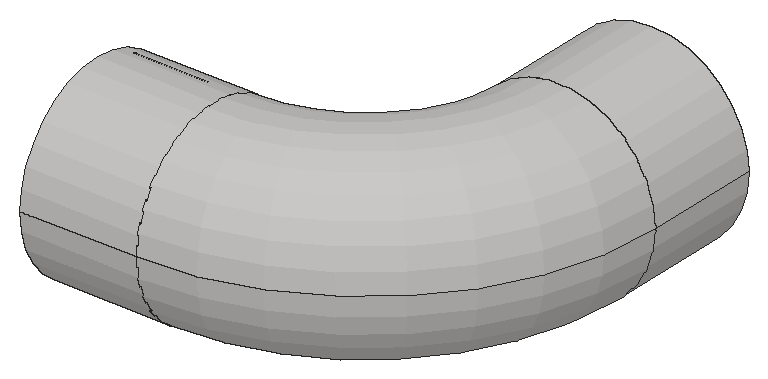
Revit family "CADS_AIRFLOWdev_AirflexPro_Round_CompactElbow", category Duct Fittings, Revit 2015
Parameters (values of type "CADS_AIRFLOWdev_AirflexPro_Round_CompactElbow")
  WorkingPressure = 3000.0 Pa
  WeeklyMaintenance = "N/A"
  WarrantyStartDate [instance] = "1900-12-31T23:59:153"
  WarrantyPeriod = "0"
  WarrantyIdentifier = "N/A"
  WarrantyGuarantorParts = "info@airflow.com"
  WarrantyGuarantorLabor = "info@airflow.com"
  WarrantyGuarantor = "Airflow Developments Ltd"
  WarrantyEndDate [instance] = "1900-12-31T23:59:153"
  WarrantyContent = "N/A"
  Uniclass2015 = "Pr_30_59_96_92:Ventilation ducts"
  TemperatureRange = "up to 40°C"
  TagNumber [instance] = "N/A"
  SustainabilityPerformance = "N/A"
  Status = "New"
  Size = "170 x 170 x 75"
  ShippingWeight = 0.30 kg
  Shape = "Other"
  ServiceLifeType = "EXPECTEDSERVICELIFE"
  ServiceLifeDuration = "10"
  SerialNumber [instance] = "N/A"
  SAPApproval = yes
  ReplacementCost = "20.568"
  Reinforcement = "N/A"
  RedDotDesignAward = no
  QuarterlyMaintenance = "N/A"
  Quantity = 1
  ProductionYear = "2017"
  ProductLiterature = "https://www.airflow.com/pdf/Accessories.pdf#page=3"
  PointOfContact = "Airflow Developments Ltd"
  PassiveHouseApproval = no
  NominalWidth = 170 mm
  NominalLength = 170 mm
  NominalHeight = 75 mm
  NBSCode = "45-80-50/394 Ventilation ducts"
  MonthlyMaintenance = "N/A"
  ModelReference [instance] = "9041139"
  ModelLabel [instance] = "75mm Round 90o  Elbow -allows very small bending radius of pipe"
  Material = "Steel"
  ManufacturerWebsite = "www.airflow.com"
  ManufacturerTelephone = "01494 525252"
  ManufacturerE-Mail = "info@airflow.com"
  ManufacturerAddress = "Aidelle House\nLancaster Road\nCressex Business Park\nHigh Wycombe\nBucks\nHP123QP"
  Manufacturer = "Airflow Developments Ltd"
  MaintenanceRequired8001to12000hrs = "N/A"
  MaintenanceRequired601to1000hrs = "N/A"
  MaintenanceRequired4001to8000hrs = "N/A"
  MaintenanceRequired301to600hrs = "N/A"
  MaintenanceRequired2001to4000hrs = "N/A"
  MaintenanceRequired1001to2000hrs = "N/A"
  MaintenanceRequired0to300hrs = "N/A"
  LongitudinalSeam = "None"
  IsExtendedWarranty = no
  InstallationDate [instance] = "1900-12-31T23:59:153"
  ISO90001 = yes
  ISO140001 = yes
  GrossWeight = 0.25 kg
  Grade = "Galvanised"
  GlobalTradeItemNumber [instance] = "5019009305738"
  Fitting Type = "Ignore"
  FireControlPanelLinks = no
  Finish = "Lacquer"
  Features = "75mm Round 90o  Elbow -allows very small bending radius of pipe"
  ExpectedServiceLife = 10
  Exclusions = "N/A"
  DurationUnit = "Year"
  Duct Width [instance] = 75 mm
  Duct Height [instance] = 75 mm
  Description = "Airflex Pro 90° Compact Elbow"
  DailyMaintenance = "N/A"
  CtoE [instance] = Centre Radius  # 82.5 mm
  Constituents = "75mm Round 90o  Elbow -allows very small bending radius of pipe"
  Color = "Silver"
  CodePerformance = "N/A"
  Centre Radius [instance] = 82.5 mm  # constant formula
  CEApproval = yes
  CADS_Index = 0
  BespokeTimeFrameMaintenance = "N/A"
  AssetType = "FIXED"
  AssetIdentifier [instance] = "N/A"
  AssemblyPlace = "UNKNOWN"
  ArticleNumber [instance] = "N/A"
  AnnualMaintenance = "N/A"
  Angle [instance] = 90.00°  # constant formula
  AirflowRateRange = 9.0 L/s
  AccessibilityPerformance = "N/A"
  6MonthlyMaintenance = "Visually inspect system, clean the fan and ducting if necessary"
Types (2, lengths in mm): name | RedDotDesignAward | PassiveHouseApproval | NominalWidth | NominalLength | NominalHeight | IsExtendedWarranty | FireControlPanelLinks
  (no name) | yes | yes | 0 | 0 | 0 | yes | yes
  CADS_AIRFLOWdev_AirflexPro_Round_CompactElbow | no | no | 170 | 170 | 75 | no | no
Values of the unnamed type that differ from the named types
  WorkingPressure = 0.0 Pa
  WeeklyMaintenance = ""
  WarrantyStartDate = ""
  WarrantyPeriod = ""
  WarrantyIdentifier = ""
  WarrantyGuarantorParts = ""
  WarrantyGuarantorLabor = ""
  WarrantyGuarantor = ""
  WarrantyEndDate = ""
  WarrantyContent = ""
  Uniclass2015 = ""
  TemperatureRange = ""
  TagNumber = ""
  SustainabilityPerformance = ""
  Status = ""
  Size = ""
  ShippingWeight = 0.00 kg
  Shape = ""
  ServiceLifeType = ""
  ServiceLifeDuration = ""
  SerialNumber = ""
  ReplacementCost = ""
  Reinforcement = ""
  QuarterlyMaintenance = ""
  Quantity = 0
  ProductionYear = ""
  ProductLiterature = ""
  PointOfContact = ""
  NBSCode = ""
  MonthlyMaintenance = ""
  ModelReference = ""
  ModelLabel = ""
  Material = ""
  ManufacturerWebsite = ""
  ManufacturerTelephone = ""
  ManufacturerE-Mail = ""
  ManufacturerAddress = ""
  MaintenanceRequired8001to12000hrs = ""
  MaintenanceRequired601to1000hrs = ""
  MaintenanceRequired4001to8000hrs = ""
  MaintenanceRequired301to600hrs = ""
  MaintenanceRequired2001to4000hrs = ""
  MaintenanceRequired1001to2000hrs = ""
  MaintenanceRequired0to300hrs = ""
  LongitudinalSeam = ""
  InstallationDate = ""
  GrossWeight = 0.00 kg
  Grade = ""
  GlobalTradeItemNumber = ""
  Fitting Type = ""
  Finish = ""
  Features = ""
  ExpectedServiceLife = 0
  Exclusions = ""
  DurationUnit = ""
  DailyMaintenance = ""
  Constituents = ""
  Color = ""
  CodePerformance = ""
  BespokeTimeFrameMaintenance = ""
  AssetType = ""
  AssetIdentifier = ""
  AssemblyPlace = ""
  ArticleNumber = ""
  AnnualMaintenance = ""
  AirflowRateRange = 0.0 L/s
  AccessibilityPerformance = ""
  6MonthlyMaintenance = ""
Reference planes
  plane 1 "Centre (Front/Back)": y = 0
  plane 2: z = 0
  plane 3 "Centre (Left/Right)": x = 0
  plane 4: x = -82.5
  plane 5: y = 82.5
Forms (mm)
  Sweep 1, solid, material "CADS_AIRFLOWdev_StainlessSteel", detail levels medium+fine
    path in 3D
      loop
        arc (-82.5, 0, 0) -> (-24.164, 24.164, 0) -> (0, 82.5, 0) r 82.5
    profile "AF-Round Outer Profile : AF-Round Outer Profile" origin (-24.164, 24.164, 0) x (-0.707107, 0.707107, 0) y (0, 0, 1)
      loop
        circle (0, 0) r 41.5
  Extrusion 2, solid, material "CADS_AIRFLOWdev_StainlessSteel", detail levels medium+fine
    sketch origin (-82.5, 0, 0) x (0, -1, 0) y (0, 0, 1)
      loop
        circle (0, 0) r 41.5
      loop
        circle (0, 0) r 39.5
    from 0 to 50
  Extrusion 3, solid, material "CADS_AIRFLOWdev_StainlessSteel", detail levels medium+fine
    sketch origin (0, 82.5, 0) x (0, 0, 1) y (1, 0, 0)
      loop
        circle (0, 0) r 41.5
      loop
        circle (0, 0) r 39.5
    from 0 to 50
Cuts and joins
  joined: Sweep 1, Extrusion 2, Extrusion 3
Lines and regions (mm)
  model lines, detail levels coarse
    curve 1: arc (-82.5, 0, 0) -> (-24.164, 24.164, 0) -> (0, 82.5, 0) r 82.5
  sketch lines
    curve 2: arc (-82.5, 0, 0) -> (-24.164, 24.164, 0) -> (0, 82.5, 0) r 82.5
Dimensions and locks
  "CtoE": plane 4 to plane 3 "Centre (Left/Right)"
  "Centre Radius": plane 5 to plane 1 "Centre (Front/Back)"
  "Centre Radius": radius of curve 1
  "Angle": angle curve 1 to curve 1
  aligned and locked: plane 5 to curve 1
  aligned and locked: Extrusion 2 sketch curve to Sweep 1  (x2)
  aligned and locked: Extrusion 3 sketch curve to Sweep 1  (x2)
Automatic sketch dimensions
  curve 1 to plane 4 = 0 mm
  radius of Extrusion 2 sketch curve to Sweep 1 = 2 mm
  radius of Extrusion 3 sketch curve to Sweep 1 = 2 mm
Connectors
  hvac at (-82.5, 0, 0), driven by "Angle"
    settings: on Sweep 1, index 1, duct flow 0.0 L/s, flow factor 0, pres drop 0.0 Pa, loss coef 0, conn angle 90.00°, conn width 300 mm, conn height 250 mm, conn diameter 75 mm, duct sys type 28, conn prof type 0, flow config 0, flow direction 0, loss method 0, conn ref index -1, conn util no, is conn primary yes, conn desc ""
  hvac at (0, 82.5, 0), driven by "Angle"
    settings: on Sweep 1, index 2, duct flow 0.0 L/s, flow factor 0, pres drop 0.0 Pa, loss coef 0, conn angle 90.00°, conn width 300 mm, conn height 250 mm, conn diameter 75 mm, duct sys type 28, conn prof type 0, flow config 0, flow direction 0, loss method 0, conn ref index -1, conn util no, is conn primary no, conn desc ""
